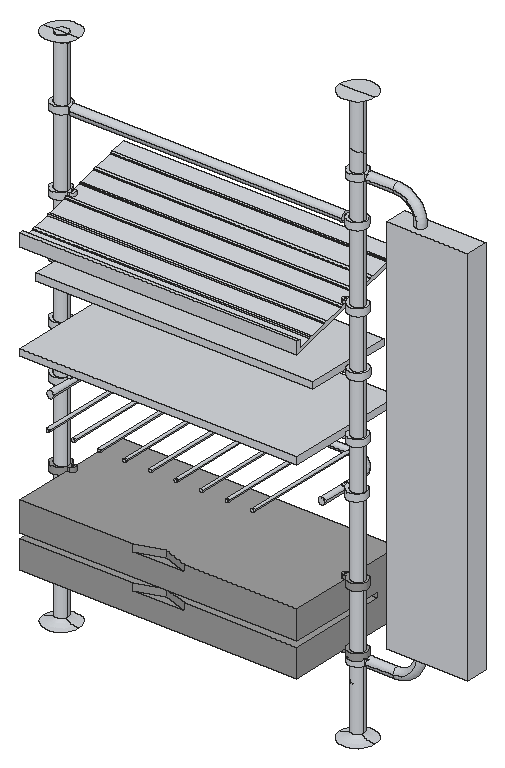
Revit family "Stolmen_furniture_system_by_IKEA_55CM_and_110cm_models_6847", category Комплекты мебели, Revit 2017
Family settings
  Размер круглого соединителя = Использовать диаметр
  Тип детали = Нормальный
  На основе рабочей плоскости = Нет
  Всегда вертикально = Да
  При загрузке вырезать с полостями = Нет
  Общий = Нет
  Точка расчета площади = Нет
Parameters
  SHELVING SYSTEM 6 [instance] = CLOTHES RAIL : CLOTHES RAIL (110CM)
  SHELVING SYSTEM 5 HEIGHT [instance] = 5' - 0 205/256"
  SHELVING TYPE 2 ON/OFF [instance] = yes
  SHELVING TYPE 3 ON/OFF [instance] = yes
  SHELVING SYSTEM 5 [instance] = SHOE RACK : SHOE RACK (110CM)
  SHELVING SYSTEM 4 [instance] = SHELF 35 CM DEEP : SHELF 35CM DEEP (110CM)
  SHELVING SYSTEM 3 HEIGHT [instance] = 3' - 7"
  SHELVING SYSTEM 4 HEIGHT [instance] = 4' - 3 205/256"
  SHELVING TYPE 4 ON/OFF [instance] = yes
  SHELVING SYSTEM 3 [instance] = SHELF 50 CM DEEP : SHELF 50CM DEEP (110CM)
  SHELVING SYSTEM 2 [instance] = PANTS HANGER : PANTS HANGER  (110CM)
  SHELVING SYSTEM 1 [instance] = CHEST WITH 2 DRAWERS : CHEST WITH 2 DRAWERS (110CM)
  RIGHT POST HEIGHT [instance] = 7' - 6 77/128"
  RIGHT POST [instance] = yes
  POST MATERIAL [instance] = Default
  SHELVING SYSTEM 2 HEIGHT [instance] = 2' - 10 205/256"
  SHELVING TYPE 5 ON/OFF [instance] = yes
  MIRROR/STORAGE UNIT [instance] = yes
  MIRROR HEIGHT [instance] = 6' - 7 5/8"
  LEFT POST HEIGHT [instance] = 6' - 10 5/8"
  LEFT POST [instance] = yes
  SHELVING SYSTEM 6 HEIGHT [instance] = 6' - 0 205/256"
  SHELVING TYPE 1 ON/OFF [instance] = yes
  SHELVING SYSTEM 1 HEIGHT [instance] = 1' - 10 77/256"
  SHELVING TYPE 6 ON/OFF [instance] = yes
Reference planes (in)
  plane 1 "Center F/B": y = 0
  plane 2: z = 0
  plane 3 "Center L/R": x = 0
  plane 4: y = 0
  plane 5: y = 1
  plane 6: y = -1
  plane 7: x = 23.14844
  plane 8: x = -23.14844
  plane 9: z = 82.625
  plane 10: z = 72.80078
  plane 11: z = 60.80078
  plane 12: z = 34.80078
  plane 13: z = 22.30078
  plane 14: z = 42.50194
  plane 15: z = 51.80078
  plane 16: z = 79.625
  plane 17: z = 82.625
  plane 18: z = 90.60156
  plane 19: z = 82.625
Forms (in)
  Revolve 1, solid, visible <- "LEFT POST"
    sketch origin (0, 0, 0) x (1, 0, 0) y (0, 0, 1)
      loop
        line (-23.14844, 82.625) -> (-23.14844, 0) -> (-20.41475, 0)
        arc (-20.41475, 0) -> (-21.55792, 0.15715) -> (-22.61629, 0.61694) r 4.23653
        line (-22.61629, 0.61694) -> (-23.03128, 0.61694) -> (-23.03128, 1) -> (-22.14844, 1) -> (-22.14844, 82.625) -> (-23.14844, 82.625)
      axis (-23.14844, 82.625) -> (-23.14844, 0)
    angle from 0 to 360
  Revolve 2, solid, visible <- "RIGHT POST"
    sketch origin (46.29688, 0, 0) x (1, 0, 0) y (0, 0, 1)
      loop
        line (-23.14844, 82.625) -> (-23.14844, 0) -> (-20.41475, 0)
        arc (-20.41475, 0) -> (-21.55792, 0.15715) -> (-22.61629, 0.61694) r 4.23653
        line (-22.61629, 0.61694) -> (-23.03128, 0.61694) -> (-23.03128, 1) -> (-22.14844, 1) -> (-22.14844, 82.625) -> (-23.14844, 82.625)
      axis (-23.14844, 82.625) -> (-23.14844, 0)
    angle from 0 to 360
  Revolve 3, solid, visible <- "RIGHT POST"
    sketch origin (0, 0, 90.60156) x (1, 0, 0) y (0, 0, -1)
      loop
        line (-23.14844, 82.625) -> (-23.14844, 7.97656) -> (-20.41475, 7.97656)
        arc (-20.41475, 7.97656) -> (-21.55792, 8.13371) -> (-22.61629, 8.59351) r 4.23653
        line (-22.61629, 8.59351) -> (-23.03128, 8.59351) -> (-23.03128, 8.97656) -> (-22.14844, 8.97656) -> (-22.14844, 82.625) -> (-23.14844, 82.625)
      axis (-23.14844, 82.625) -> (-23.14844, 7.97656)
    angle from 0 to 360
  Revolve 4, solid, visible <- "RIGHT POST"
    sketch origin (46.29687, 0, 90.60156) x (1, 0, 0) y (0, 0, -1)
      loop
        line (-23.14844, 82.625) -> (-23.14844, 0) -> (-20.41475, 0)
        arc (-20.41475, 0) -> (-21.55792, 0.15715) -> (-22.61629, 0.61694) r 4.23653
        line (-22.61629, 0.61694) -> (-23.03128, 0.61694) -> (-23.03128, 1) -> (-22.14844, 1) -> (-22.14844, 82.625) -> (-23.14844, 82.625)
      axis (-23.14844, 82.625) -> (-23.14844, 0)
    angle from 0 to 360
Cuts and joins
  joined: Revolve 3, Revolve 4
Dimensions and locks (in)
  equal spacing: plane 8, plane 3 "Center L/R", plane 7, locked at 23.14844 each
  locked: plane 8 to plane 7 at 46.29688
  "LEFT POST HEIGHT": plane 9 to plane 2
  plane 17 to level = 6' - 10 5/8"
  "MIRROR HEIGHT": plane 16 to plane 2
  "SHELVING SYSTEM 6 HEIGHT": plane 10 to plane 2
  "SHELVING SYSTEM 5 HEIGHT": plane 11 to level
  "SHELVING SYSTEM 4 HEIGHT": plane 15 to level
  plane 14 to level = 3' - 6.50194"
  "SHELVING SYSTEM 2 HEIGHT": plane 12 to level
  "SHELVING SYSTEM 1 HEIGHT": plane 13 to level
  "RIGHT POST HEIGHT": plane 18 to level
  "LEFT POST HEIGHT": plane 19 to level
  aligned and locked: plane 13 to nested 1
  aligned and locked: plane 15 to nested 2
  aligned and locked: plane 16 to nested 3  (x2)
  aligned and locked: plane 17 to Revolve 2
  aligned and locked: plane 9 to Revolve 1
  aligned and locked: plane 10 to nested 6
  aligned and locked: plane 11 to nested 5
  aligned and locked: plane 15 to nested 7
  aligned and locked: plane 14 to nested 2
  aligned and locked: plane 12 to nested 4
  aligned and locked: nested 1 to plane 13
  aligned and locked: plane 18 to cut or joined group of Revolve 3, Revolve 4  (x3)
  aligned and locked: cut or joined group of Revolve 3, Revolve 4 to plane 19
Automatic sketch dimensions
  Revolve 1 sketch curve to plane 8 = 0' - 0"  (x2)
  Revolve 1 sketch curve to plane 9 = 0' - 0"  (x2)
  Revolve 1 sketch curve to level = 0' - 0"
  plane 8 to Revolve 1 sketch curve = 0' - 0.11716"
  Revolve 1 sketch curve to Revolve 1 sketch curve = 0' - 0.41499"
  plane 8 to Revolve 1 sketch curve = 0' - 1"
  Revolve 1 sketch curve to Revolve 1 sketch curve = 0' - 1.73369"
  level to Revolve 1 sketch curve = 0' - 0.61694"
  Revolve 1 sketch curve to Revolve 1 sketch curve = 0' - 0.38306"
  Revolve 1 sketch curve to plane 16 = 0' - 1 1/4"
  Revolve 2 sketch curve to plane 7 = 0' - 0"  (x2)
  Revolve 2 sketch curve to plane 9 = 0' - 0"  (x2)
  Revolve 2 sketch curve to level = 0' - 0"
  plane 7 to Revolve 2 sketch curve = 0' - 0.11716"
  Revolve 2 sketch curve to Revolve 2 sketch curve = 0' - 0.41499"
  plane 7 to Revolve 2 sketch curve = 0' - 1"
  Revolve 2 sketch curve to Revolve 2 sketch curve = 0' - 1.73369"
  level to Revolve 2 sketch curve = 0' - 0.61694"
  Revolve 2 sketch curve to Revolve 2 sketch curve = 0' - 0.38306"
  Revolve 2 sketch curve to plane 16 = 0' - 1 1/4"
  Revolve 3 sketch curve to plane 8 = 0' - 0"  (x2)
  Revolve 3 sketch curve to plane 8 = 0' - 0.11716"
  Revolve 3 sketch curve to Revolve 3 sketch curve = 0' - 0.41499"
  Revolve 3 sketch curve to plane 8 = 0' - 1"
  Revolve 3 sketch curve to Revolve 3 sketch curve = 0' - 1.73369"
  Revolve 3 sketch curve to plane 9 = 0' - 0"
  Revolve 3 sketch curve to Revolve 3 sketch curve = 0' - 0.61694"
  Revolve 3 sketch curve to Revolve 3 sketch curve = 0' - 0.38306"
  plane 14 to Revolve 3 sketch curve = 2' - 6.27538"
  plane 14 to Revolve 3 sketch curve = 2' - 10.52538"
  Revolve 3 sketch curve to Revolve 3 sketch curve = 0' - 0"
  Revolve 4 sketch curve to plane 7 = 0' - 0"  (x2)
  Revolve 4 sketch curve to plane 7 = 0' - 0.11716"
  Revolve 4 sketch curve to Revolve 4 sketch curve = 0' - 0.41499"
  Revolve 4 sketch curve to plane 7 = 0' - 1"
  Revolve 4 sketch curve to Revolve 4 sketch curve = 0' - 1.73369"
  Revolve 4 sketch curve to plane 9 = 0' - 7 125/128"
  Revolve 4 sketch curve to Revolve 4 sketch curve = 0' - 0.61694"
  Revolve 4 sketch curve to Revolve 4 sketch curve = 0' - 0.38306"
  plane 14 to Revolve 4 sketch curve = 2' - 6.27538"
  plane 14 to Revolve 4 sketch curve = 2' - 10.52538"
  Revolve 4 sketch curve to Revolve 4 sketch curve = 0' - 0"
Nested families (in)
  nested 1: "CHEST WITH 2 DRAWERS" at (-0.07388, 0, 12), visible <- "SHELVING TYPE 6 ON/OFF", CHEST WITH 2 DRAWERS <- "SHELVING TYPE 6 ON/OFF", type <- "SHELVING SYSTEM 1", type "CHEST WITH 2 DRAWERS (110CM)"
    with HEIGHT 0' - 9.79884", CHEST WITH 2 DRAWERS yes
  nested 2: "SHELF 50 CM DEEP" at (-0.07388, 0, 42.00194), visible <- "SHELVING TYPE 3 ON/OFF", type <- "SHELVING SYSTEM 3", type "SHELF 50CM DEEP (110CM)"
    with HEIGHT 0' - 9.79884"
  nested 3: "MIRROR" at (23.14844, 0, -4), visible <- "MIRROR/STORAGE UNIT", type "MIRROR"
    with POST none
  nested 4: "PANTS HANGER" at (-0.07388, 0, 24.5), visible <- "SHELVING TYPE 5 ON/OFF", type <- "SHELVING SYSTEM 2", type "PANTS HANGER  (110CM)"
    with HEIGHT 0' - 9.79884"
  nested 5: "SHOE RACK" at (-0.06929, -0.01435, 60.30078), type <- "SHELVING SYSTEM 5", type "SHOE RACK (110CM)"
    with RACK MATERIAL none, MOUNTING FIXTURES MATERIAL none, HEIGHT 0' - 9 205/256"
  nested 6: "CLOTHES RAIL" at (0, 0, 62.5), type <- "SHELVING SYSTEM 6", type "CLOTHES RAIL (110CM)"
    with RACK MATERIAL none, MOUNTING FIXTURES MATERIAL none, HEIGHT 0' - 9 205/256"
  nested 7: "SHELF 35 CM DEEP" at (0, 0, 51.30078), type <- "SHELVING SYSTEM 4", type "SHELF 35CM DEEP (110CM)"
    with SHELF MATERIAL none, MOUNTING FIXTURES MATERIAL none, HEIGHT 0' - 9 205/256"
Definition of nested family "CHEST WITH 2 DRAWERS"
  Parameters
    MOUNTING FIXTURE MATERIAL [instance] = none
    HEIGHT [instance] = 0' - 9 205/256"
    DRAWER MATERIAL [instance] = none
    CHEST WITH 2 DRAWERS [instance] = yes
    Assembly Code = ""
  Reference planes (in)
    plane 1 "Center F/B": y = 0
    plane 2: z = 0
    plane 3 "Center L/R": x = 0
    plane 4: z = 9.80078
  Forms (in)
    Extrusion 1, solid, material <- "DRAWER MATERIAL", visible <- "CHEST WITH 2 DRAWERS"
      sketch origin (140.07737, -37.7322, 0) x (1, 0, 0) y (0, 1, 0)
        loop
          line (-161.72737, 27.8822) -> (-118.42737, 27.8822) -> (-118.42737, 47.5822) -> (-161.72737, 47.5822) -> (-161.72737, 27.8822)
      from 0 to 9.80078
    Extrusion 2, void
      sketch origin (140.07737, -41.71513, 0) x (1, 0, 0) y (0, 1, 0)
        loop
          line (-118.42737, 47.5822) -> (-161.72737, 47.5822) -> (-161.72737, 31.86513) -> (-118.42737, 31.86513) -> (-118.42737, 47.5822)
      from 4.36336 to 5.25362
    Extrusion 3, void
      sketch origin (140.07737, -37.7322, 0) x (1, 0, 0) y (0, 1, 0)
        loop
          line (-140.07737, 27.8822) -> (-136.07737, 27.8822) -> (-140.07737, 29.33808) -> (-144.07737, 27.8822) -> (-140.07737, 27.8822)
      from 8.71575 to 9.80078
    Extrusion 4, void
      sketch origin (140.07737, -37.7322, 0) x (1, 0, 0) y (0, 1, 0)
        loop
          line (-140.07737, 27.8822) -> (-136.07737, 27.8822) -> (-140.07737, 29.33808) -> (-144.07737, 27.8822) -> (-140.07737, 27.8822)
      from 3.27527 to 4.36336
    Extrusion 5, solid, material <- "DRAWER MATERIAL", visible <- "CHEST WITH 2 DRAWERS"
      sketch origin (19.89775, -10.15887, 9.30078) x (1, 0, 0) y (0, 1, 0)
        loop
          circle (-43.11548, 10.15887) r 1
        loop
          arc (-41.70126, 10.65887) -> (-44.61548, 10.15887) -> (-41.70126, 9.65887) r 1.5
          line (-41.70126, 9.65887) -> (-41.25387, 9.65887)
          arc (-41.25387, 9.65887) -> (-40.75318, 10.13391) -> (-41.20126, 10.65887) r 0.50138
          line (-41.20126, 10.65887) -> (-41.70126, 10.65887)
        loop
          circle (-41.25387, 10.16025) r 0.09394
      from 0 to 1
    Extrusion 6, solid, material <- "DRAWER MATERIAL", visible <- "CHEST WITH 2 DRAWERS"
      sketch origin (19.89775, -10.15887, -0.5) x (1, 0, 0) y (0, 1, 0)
        loop
          circle (-43.11548, 10.15887) r 1
        loop
          arc (-41.70126, 10.65887) -> (-44.61548, 10.15887) -> (-41.70126, 9.65887) r 1.5
          line (-41.70126, 9.65887) -> (-41.25387, 9.65887)
          arc (-41.25387, 9.65887) -> (-40.75318, 10.13391) -> (-41.20126, 10.65887) r 0.50138
          line (-41.20126, 10.65887) -> (-41.70126, 10.65887)
        loop
          circle (-41.25387, 10.16025) r 0.09394
      from 0 to 1
    Extrusion 7, solid, material <- "DRAWER MATERIAL", visible <- "CHEST WITH 2 DRAWERS"
      sketch origin (-19.89775, -10.15887, 9.30078) x (-1, 0, 0) y (0, -1, 0)
        loop
          circle (-43.11548, -10.15887) r 1
        loop
          line (-41.70126, -10.65887) -> (-41.20126, -10.65887)
          arc (-41.20126, -10.65887) -> (-40.75318, -10.13391) -> (-41.25387, -9.65887) r 0.50138
          line (-41.25387, -9.65887) -> (-41.70126, -9.65887)
          arc (-41.70126, -9.65887) -> (-44.61548, -10.15887) -> (-41.70126, -10.65887) r 1.5
        loop
          circle (-41.25387, -10.16025) r 0.09394
      from 0 to 1
    Extrusion 8, solid, material <- "DRAWER MATERIAL", visible <- "CHEST WITH 2 DRAWERS"
      sketch origin (-19.89775, -10.15887, -0.5) x (-1, 0, 0) y (0, -1, 0)
        loop
          circle (-43.11548, -10.15887) r 1
        loop
          line (-41.70126, -10.65887) -> (-41.20126, -10.65887)
          arc (-41.20126, -10.65887) -> (-40.75318, -10.13391) -> (-41.25387, -9.65887) r 0.50138
          line (-41.25387, -9.65887) -> (-41.70126, -9.65887)
          arc (-41.70126, -9.65887) -> (-44.61548, -10.15887) -> (-41.70126, -10.65887) r 1.5
        loop
          circle (-41.25387, -10.16025) r 0.09394
      from 0 to 1
  Cuts and joins
    Extrusion 2, Extrusion 3, Extrusion 4 cuts Extrusion 1
    joined: Extrusion 1, Extrusion 5, Extrusion 6, Extrusion 7, Extrusion 8
  Dimensions and locks (in)
    "HEIGHT": plane 4 to level
    aligned and locked: Extrusion 1 to Extrusion 3
    aligned and locked: plane 4 to cut or joined group of Extrusion 1, Extrusion 2, Extrusion 3, Extrusion 4, Extrusion 5, Extrusion 6, Extrusion 7, Extrusion 8
  Automatic sketch dimensions
    plane 1 "Center F/B" to Extrusion 1 sketch curve = 0' - 9.85"
    Extrusion 1 sketch curve to plane 3 "Center L/R" = 1' - 9.65"
    Extrusion 1 sketch curve to plane 1 "Center F/B" = 0' - 9.85"
    plane 3 "Center L/R" to Extrusion 1 sketch curve = 1' - 9.65"
    Extrusion 2 sketch curve to plane 1 "Center F/B" = 0' - 5.86707"
    Extrusion 2 sketch curve to plane 3 "Center L/R" = 1' - 9.65"
    plane 1 "Center F/B" to Extrusion 2 sketch curve = 0' - 9.85"
    plane 3 "Center L/R" to Extrusion 2 sketch curve = 1' - 9.65"
    Extrusion 3 sketch curve to plane 3 "Center L/R" = 0' - 0"  (x2)
    Extrusion 3 sketch curve to plane 3 "Center L/R" = 0' - 4"
    Extrusion 3 sketch curve to Extrusion 3 sketch curve = 0' - 4"
    plane 1 "Center F/B" to Extrusion 3 sketch curve = 0' - 9.85"
    Extrusion 3 sketch curve to Extrusion 3 sketch curve = 0' - 1.45588"
    Extrusion 4 sketch curve to plane 3 "Center L/R" = 0' - 0"  (x2)
    Extrusion 4 sketch curve to plane 3 "Center L/R" = 0' - 4"
    Extrusion 4 sketch curve to Extrusion 4 sketch curve = 0' - 4"
    plane 1 "Center F/B" to Extrusion 4 sketch curve = 0' - 9.85"
    Extrusion 4 sketch curve to Extrusion 4 sketch curve = 0' - 1.45588"
    Extrusion 5 sketch curve to Extrusion 5 sketch curve = 0' - 0"  (x4)
    Extrusion 5 sketch curve to plane 1 "Center F/B" = 0' - 0"
    Extrusion 5 sketch curve to plane 3 "Center L/R" = 1' - 11.21773"
    Extrusion 5 sketch curve to plane 1 "Center F/B" = 0' - 0 1/2"
    Extrusion 5 sketch curve to Extrusion 5 sketch curve = 0' - 1.41421"
    plane 1 "Center F/B" to Extrusion 5 sketch curve = 0' - 0 1/2"
    Extrusion 5 sketch curve to Extrusion 5 sketch curve = 0' - 0.44739"
    Extrusion 5 sketch curve to Extrusion 5 sketch curve = 0' - 0 1/2"
    Extrusion 6 sketch curve to Extrusion 6 sketch curve = 0' - 0"  (x4)
    Extrusion 6 sketch curve to plane 1 "Center F/B" = 0' - 0"
    Extrusion 6 sketch curve to plane 3 "Center L/R" = 1' - 11.21773"
    Extrusion 6 sketch curve to plane 1 "Center F/B" = 0' - 0 1/2"
    Extrusion 6 sketch curve to Extrusion 6 sketch curve = 0' - 1.41421"
    plane 1 "Center F/B" to Extrusion 6 sketch curve = 0' - 0 1/2"
    Extrusion 6 sketch curve to Extrusion 6 sketch curve = 0' - 0.44739"
    Extrusion 6 sketch curve to Extrusion 6 sketch curve = 0' - 0 1/2"
    Extrusion 7 sketch curve to Extrusion 7 sketch curve = 0' - 0"  (x4)
    Extrusion 7 sketch curve to plane 1 "Center F/B" = 0' - 0"
    plane 3 "Center L/R" to Extrusion 7 sketch curve = 1' - 11.21773"
    Extrusion 7 sketch curve to plane 1 "Center F/B" = 0' - 0 1/2"
    Extrusion 7 sketch curve to Extrusion 7 sketch curve = 0' - 1.41421"
    plane 1 "Center F/B" to Extrusion 7 sketch curve = 0' - 0 1/2"
    Extrusion 7 sketch curve to Extrusion 7 sketch curve = 0' - 0.44739"
    Extrusion 7 sketch curve to Extrusion 7 sketch curve = 0' - 0 1/2"
    Extrusion 8 sketch curve to Extrusion 8 sketch curve = 0' - 0"  (x4)
    Extrusion 8 sketch curve to plane 1 "Center F/B" = 0' - 0"
    plane 3 "Center L/R" to Extrusion 8 sketch curve = 1' - 11.21773"
    Extrusion 8 sketch curve to plane 1 "Center F/B" = 0' - 0 1/2"
    Extrusion 8 sketch curve to Extrusion 8 sketch curve = 0' - 1.41421"
    plane 1 "Center F/B" to Extrusion 8 sketch curve = 0' - 0 1/2"
    Extrusion 8 sketch curve to Extrusion 8 sketch curve = 0' - 0.44739"
    Extrusion 8 sketch curve to Extrusion 8 sketch curve = 0' - 0 1/2"
    radius of Extrusion 5 sketch curve = 0' - 1"
    radius of Extrusion 5 sketch curve = 0' - 0.09394"
    radius of Extrusion 6 sketch curve = 0' - 1"
    radius of Extrusion 6 sketch curve = 0' - 0.09394"
    radius of Extrusion 7 sketch curve = 0' - 1"
    radius of Extrusion 7 sketch curve = 0' - 0.09394"
    radius of Extrusion 8 sketch curve = 0' - 1"
    radius of Extrusion 8 sketch curve = 0' - 0.09394"
Definition of nested family "SHELF 50 CM DEEP"
  Parameters
    MOUNTING FIXTURES MATERIAL [instance] = none
    HEIGHT [instance] = 0' - 9 205/256"
    BAR MATERIAL [instance] = none
    Assembly Code = ""
  Reference planes (in)
    plane 1 "Center F/B": y = 0
    plane 2: z = 0
    plane 3 "Center L/R": x = 0
    plane 4: z = 9.80078
  Forms (in)
    Extrusion 1, solid, material <- "MOUNTING FIXTURES MATERIAL"
      sketch origin (19.89775, -10.15887, -0.5) x (1, 0, 0) y (0, 1, 0)
        loop
          circle (-43.11548, 10.15887) r 1
        loop
          arc (-41.70126, 10.65887) -> (-44.61548, 10.15887) -> (-41.70126, 9.65887) r 1.5
          line (-41.70126, 9.65887) -> (-41.25387, 9.65887)
          arc (-41.25387, 9.65887) -> (-40.75318, 10.13391) -> (-41.20126, 10.65887) r 0.50138
          line (-41.20126, 10.65887) -> (-41.70126, 10.65887)
        loop
          circle (-41.25387, 10.16025) r 0.09394
      from 0 to 1
    Extrusion 2, solid, material <- "MOUNTING FIXTURES MATERIAL"
      sketch origin (-19.89775, -10.15887, -0.5) x (-1, 0, 0) y (0, -1, 0)
        loop
          circle (-43.11548, -10.15887) r 1
        loop
          line (-41.70126, -10.65887) -> (-41.20126, -10.65887)
          arc (-41.20126, -10.65887) -> (-40.75318, -10.13391) -> (-41.25387, -9.65887) r 0.50138
          line (-41.25387, -9.65887) -> (-41.70126, -9.65887)
          arc (-41.70126, -9.65887) -> (-44.61548, -10.15887) -> (-41.70126, -10.65887) r 1.5
        loop
          circle (-41.25387, -10.16025) r 0.09394
      from 0 to 1
    Extrusion 3, solid, material <- "BAR MATERIAL"
      sketch origin (36.71714, 18.52029, 0) x (1, 0, 0) y (0, 1, 0)
        loop
          line (-58.36714, -28.3699) -> (-15.06714, -28.3699) -> (-15.06714, -8.67068) -> (-58.36714, -8.67068) -> (-58.36714, -28.3699)
      from 0 to 1
  Cuts and joins
    joined: Extrusion 1, Extrusion 2
  Dimensions and locks (in)
    "HEIGHT": plane 4 to level
  Automatic sketch dimensions
    Extrusion 1 sketch curve to Extrusion 1 sketch curve = 0' - 0"  (x4)
    Extrusion 1 sketch curve to plane 1 "Center F/B" = 0' - 0"
    Extrusion 1 sketch curve to plane 3 "Center L/R" = 1' - 11.21773"
    Extrusion 1 sketch curve to plane 1 "Center F/B" = 0' - 0 1/2"
    Extrusion 1 sketch curve to Extrusion 1 sketch curve = 0' - 1.41421"
    plane 1 "Center F/B" to Extrusion 1 sketch curve = 0' - 0 1/2"
    Extrusion 1 sketch curve to Extrusion 1 sketch curve = 0' - 0.44739"
    Extrusion 1 sketch curve to Extrusion 1 sketch curve = 0' - 0 1/2"
    Extrusion 2 sketch curve to Extrusion 2 sketch curve = 0' - 0"  (x4)
    Extrusion 2 sketch curve to plane 1 "Center F/B" = 0' - 0"
    plane 3 "Center L/R" to Extrusion 2 sketch curve = 1' - 11.21773"
    Extrusion 2 sketch curve to plane 1 "Center F/B" = 0' - 0 1/2"
    Extrusion 2 sketch curve to Extrusion 2 sketch curve = 0' - 1.41421"
    plane 1 "Center F/B" to Extrusion 2 sketch curve = 0' - 0 1/2"
    Extrusion 2 sketch curve to Extrusion 2 sketch curve = 0' - 0.44739"
    Extrusion 2 sketch curve to Extrusion 2 sketch curve = 0' - 0 1/2"
    plane 1 "Center F/B" to Extrusion 3 sketch curve = 0' - 9.84961"
    Extrusion 3 sketch curve to plane 3 "Center L/R" = 1' - 9.65"
    plane 3 "Center L/R" to Extrusion 3 sketch curve = 1' - 9.65"
    Extrusion 3 sketch curve to plane 1 "Center F/B" = 0' - 9.84961"
    radius of Extrusion 1 sketch curve = 0' - 1"
    radius of Extrusion 1 sketch curve = 0' - 0.09394"
    radius of Extrusion 2 sketch curve = 0' - 1"
    radius of Extrusion 2 sketch curve = 0' - 0.09394"
Definition of nested family "MIRROR"
  Parameters
    POST [instance] = none
    MOUNTING FIXTURES MATERIAL [instance] = none
    MIRROR STORAGE [instance] = none
    Assembly Code = ""
  Reference planes (in)
    plane 1 "Center F/B": y = 0
    plane 2: z = 0
    plane 3 "Center L/R": x = 0
  Forms (in)
    Extrusion 1, solid, material <- "MOUNTING FIXTURES MATERIAL"
      sketch origin (0.56537, -0.00893, 82.625) x (1, 0, 0) y (0, 1, 0)
        loop
          circle (-0.56995, 0.00893) r 1
        loop
          arc (0.84426, 0.50893) -> (-2.06995, 0.00893) -> (0.84426, -0.49107) r 1.5
          line (0.84426, -0.49107) -> (1.29165, -0.49107)
          arc (1.29165, -0.49107) -> (1.79234, -0.01603) -> (1.34426, 0.50893) r 0.50138
          line (1.34426, 0.50893) -> (0.84426, 0.50893)
        loop
          circle (1.29165, 0.01031) r 0.09394
      from 0 to 1
    Sweep 2, solid, material <- "MIRROR STORAGE"
      path origin (0, 0, 0) x (1, 0, 0) y (0, 0, 1)
        loop
          line (1.90963, 83.125) -> (6.15963, 83.125)
          arc (6.15963, 83.125) -> (8.87982, 81.9111) -> (9.79303, 79.07578) r 3.65476
      profile origin (4.03463, 0, 83.125) x (0, 0, 1) y (0, -1, 0)
        loop
          circle (0, 0) r 0.75
    Extrusion 3, solid, material <- "MOUNTING FIXTURES MATERIAL"
      sketch origin (0.56537, -0.00893, 15.72656) x (0, -1, 0) y (-1, 0, 0)
        loop
          circle (-0.00893, 0.56995) r 1
        loop
          line (-0.50893, -0.84426) -> (-0.50893, -1.34426)
          arc (-0.50893, -1.34426) -> (0.01603, -1.79234) -> (0.49107, -1.29165) r 0.50138
          line (0.49107, -1.29165) -> (0.49107, -0.84426)
          arc (0.49107, -0.84426) -> (-0.00893, 2.06995) -> (-0.50893, -0.84426) r 1.5
        loop
          circle (-0.01031, -1.29165) r 0.09394
      from 0 to 1
    Extrusion 4, solid, material <- "MIRROR STORAGE"
      sketch origin (-25.5, 0, 4.54922) x (1, 0, 0) y (0, 0, 1)
        loop
          line (31.49541, 14.72656) -> (44.09541, 14.72656) -> (44.09541, 74.52656) -> (31.49541, 74.52656) -> (31.49541, 14.72656)
      from -1.75 to 1.75
    Sweep 5, solid, material <- "MIRROR STORAGE"
      path origin (0, 0, 98.35156) x (1, 0, 0) y (0, 0, -1)
        loop
          line (1.90963, 83.125) -> (6.15963, 83.125)
          arc (6.15963, 83.125) -> (8.87982, 81.9111) -> (9.79303, 79.07578) r 3.65476
      profile origin (4.03463, 0, 15.22656) x (0, 0, 1) y (0, -1, 0)
        loop
          circle (0, 0) r 0.75
Definition of nested family "PANTS HANGER"
  Parameters
    RACK MATERIAL [instance] = none
    MOUNTING FIXTURE [instance] = none
    HEIGHT [instance] = 0' - 9 205/256"
    Assembly Code = ""
  Reference planes (in)
    plane 1 "Center F/B": y = 0
    plane 2: z = 0
    plane 3 "Center L/R": x = 0
    plane 4: z = 9.80078
    plane 5: x = -23.26062
    plane 6: x = 23.05351
  Forms (in)
    Extrusion 1, solid, material <- "MOUNTING FIXTURE"
      sketch origin (19.89775, -10.15887, 9.30078) x (1, 0, 0) y (0, 1, 0)
        loop
          circle (-43.11548, 10.15887) r 1
        loop
          arc (-41.70126, 10.65887) -> (-44.61548, 10.15887) -> (-41.70126, 9.65887) r 1.5
          line (-41.70126, 9.65887) -> (-41.20126, 9.65887) -> (-41.20126, 10.65887) -> (-41.70126, 10.65887)
      from 0 to 1
    Extrusion 2, solid, material <- "MOUNTING FIXTURE"
      sketch origin (-20.06197, -10.15887, 9.30078) x (-1, 0, 0) y (0, -1, 0)
        loop
          circle (-43.11548, -10.15887) r 1
        loop
          line (-41.70126, -10.65887) -> (-41.20126, -10.65887) -> (-41.20126, -9.65887) -> (-41.70126, -9.65887)
          arc (-41.70126, -9.65887) -> (-44.61548, -10.15887) -> (-41.70126, -10.65887) r 1.5
      from 0 to 1
    Sweep 3, solid, material <- "RACK MATERIAL"
      path origin (0, 0, 0) x (1, 0, 0) y (0, 1, 0)
        loop
          line (-21.30351, -4.40324) -> (-21.30351, 2.25)
          arc (-21.30351, 2.25) -> (-19.76582, 5.96231) -> (-16.05351, 7.5) r 5.25
          line (-16.05351, 7.5) -> (16.1393, 7.5)
          arc (16.1393, 7.5) -> (19.67483, 6.03553) -> (21.1393, 2.5) r 5
          line (21.1393, 2.5) -> (21.1393, -4.40324)
      profile origin (0.04289, 7.5, 0) x (0, 1, 0) y (0, 0, 1)
        loop
          circle (0, 9.79884) r 0.5
    Sweep 4, solid, material <- "RACK MATERIAL"
      path origin (0, 0, 0) x (1, 0, 0) y (0, 1, 0)
        loop
          line (0, 7.5) -> (0, -11.5)
      profile origin (0, -2, 0) x (1, 0, 0) y (0, 0, 1)
        loop
          circle (0, 9.79884) r 0.25
    Sweep 5, solid, material <- "RACK MATERIAL"
      path origin (-4, 0, 0) x (1, 0, 0) y (0, 1, 0)
        loop
          line (0, 7.5) -> (0, -11.5)
      profile origin (-4, -2, 0) x (1, 0, 0) y (0, 0, 1)
        loop
          circle (0, 9.79884) r 0.25
    Sweep 6, solid, material <- "RACK MATERIAL"
      path origin (-8, 0, 0) x (1, 0, 0) y (0, 1, 0)
        loop
          line (0, 7.5) -> (0, -11.5)
      profile origin (-8, -2, 0) x (1, 0, 0) y (0, 0, 1)
        loop
          circle (0, 9.79884) r 0.25
    Sweep 7, solid, material <- "RACK MATERIAL"
      path origin (-12, 0, 0) x (1, 0, 0) y (0, 1, 0)
        loop
          line (0, 7.5) -> (0, -11.5)
      profile origin (-12, -2, 0) x (1, 0, 0) y (0, 0, 1)
        loop
          circle (0, 9.79884) r 0.25
    Sweep 8, solid, material <- "RACK MATERIAL"
      path origin (-16, 0, 0) x (1, 0, 0) y (0, 1, 0)
        loop
          line (0, 7.5) -> (0, -11.5)
      profile origin (-16, -2, 0) x (1, 0, 0) y (0, 0, 1)
        loop
          circle (0, 9.79884) r 0.25
    Sweep 9, solid, material <- "RACK MATERIAL"
      path origin (16, 0, 0) x (1, 0, 0) y (0, 1, 0)
        loop
          line (0, 7.5) -> (0, -11.5)
      profile origin (16, -2, 0) x (1, 0, 0) y (0, 0, 1)
        loop
          circle (0, 9.79884) r 0.25
    Sweep 10, solid, material <- "RACK MATERIAL"
      path origin (12, 0, 0) x (1, 0, 0) y (0, 1, 0)
        loop
          line (0, 7.5) -> (0, -11.5)
      profile origin (12, -2, 0) x (1, 0, 0) y (0, 0, 1)
        loop
          circle (0, 9.79884) r 0.25
    Sweep 11, solid, material <- "RACK MATERIAL"
      path origin (8, 0, 0) x (1, 0, 0) y (0, 1, 0)
        loop
          line (0, 7.5) -> (0, -11.5)
      profile origin (8, -2, 0) x (1, 0, 0) y (0, 0, 1)
        loop
          circle (0, 9.79884) r 0.25
    Sweep 12, solid, material <- "RACK MATERIAL"
      path origin (4, 0, 0) x (1, 0, 0) y (0, 1, 0)
        loop
          line (0, 7.5) -> (0, -11.5)
      profile origin (4, -2, 0) x (1, 0, 0) y (0, 0, 1)
        loop
          circle (0, 9.79884) r 0.25
  Cuts and joins
    joined: Extrusion 1, Extrusion 2
  Dimensions and locks (in)
    "HEIGHT": plane 4 to level
    locked: plane 5 to plane 6 at 46.31413
  Automatic sketch dimensions
    Extrusion 1 sketch curve to Extrusion 1 sketch curve = 0' - 0"  (x2)
    Extrusion 1 sketch curve to plane 1 "Center F/B" = 0' - 0"
    Extrusion 1 sketch curve to plane 5 = 0' - 0.04289"
    plane 1 "Center F/B" to Extrusion 1 sketch curve = 0' - 0 1/2"
    Extrusion 1 sketch curve to plane 5 = 0' - 1.45711"
    Extrusion 1 sketch curve to plane 1 "Center F/B" = 0' - 0 1/2"
    Extrusion 1 sketch curve to Extrusion 1 sketch curve = 0' - 0 1/2"
    Extrusion 2 sketch curve to Extrusion 2 sketch curve = 0' - 0"  (x2)
    Extrusion 2 sketch curve to plane 1 "Center F/B" = 0' - 0"
    Extrusion 2 sketch curve to plane 6 = 0' - 0"
    plane 1 "Center F/B" to Extrusion 2 sketch curve = 0' - 0 1/2"
    plane 6 to Extrusion 2 sketch curve = 0' - 1.41421"
    Extrusion 2 sketch curve to plane 1 "Center F/B" = 0' - 0 1/2"
    Extrusion 2 sketch curve to Extrusion 2 sketch curve = 0' - 0 1/2"
    Sweep 3 sketch curve to profile plane = 0' - 0"
    level to Sweep 3 sketch curve = 0' - 9.79884"
    Sweep 4 sketch curve to plane 3 "Center L/R" = 0' - 0"
    plane 1 "Center F/B" to Sweep 4 sketch curve = 0' - 11 1/2"
    Sweep 4 sketch curve to plane 1 "Center F/B" = 0' - 7 1/2"
    Sweep 4 sketch curve to profile plane = 0' - 0"
    level to Sweep 4 sketch curve = 0' - 9.79884"
    Sweep 5 sketch curve to plane 3 "Center L/R" = 0' - 4"
    plane 1 "Center F/B" to Sweep 5 sketch curve = 0' - 11 1/2"
    Sweep 5 sketch curve to plane 1 "Center F/B" = 0' - 7 1/2"
    level to Sweep 5 sketch curve = 0' - 9.79884"
    Sweep 5 sketch curve to profile plane = 0' - 0"
    Sweep 6 sketch curve to plane 3 "Center L/R" = 0' - 8"
    plane 1 "Center F/B" to Sweep 6 sketch curve = 0' - 11 1/2"
    Sweep 6 sketch curve to plane 1 "Center F/B" = 0' - 7 1/2"
    level to Sweep 6 sketch curve = 0' - 9.79884"
    Sweep 6 sketch curve to profile plane = 0' - 0"
    Sweep 7 sketch curve to plane 5 = 0' - 11.26062"
    plane 1 "Center F/B" to Sweep 7 sketch curve = 0' - 11 1/2"
    Sweep 7 sketch curve to plane 1 "Center F/B" = 0' - 7 1/2"
    level to Sweep 7 sketch curve = 0' - 9.79884"
    Sweep 7 sketch curve to profile plane = 0' - 0"
    Sweep 8 sketch curve to plane 5 = 0' - 7.26062"
    plane 1 "Center F/B" to Sweep 8 sketch curve = 0' - 11 1/2"
    Sweep 8 sketch curve to plane 1 "Center F/B" = 0' - 7 1/2"
    level to Sweep 8 sketch curve = 0' - 9.79884"
    Sweep 8 sketch curve to profile plane = 0' - 0"
    plane 6 to Sweep 9 sketch curve = 0' - 7.05351"
    plane 1 "Center F/B" to Sweep 9 sketch curve = 0' - 11 1/2"
    Sweep 9 sketch curve to plane 1 "Center F/B" = 0' - 7 1/2"
    level to Sweep 9 sketch curve = 0' - 9.79884"
    Sweep 9 sketch curve to profile plane = 0' - 0"
    plane 6 to Sweep 10 sketch curve = 0' - 11.05351"
    plane 1 "Center F/B" to Sweep 10 sketch curve = 0' - 11 1/2"
    Sweep 10 sketch curve to plane 1 "Center F/B" = 0' - 7 1/2"
    level to Sweep 10 sketch curve = 0' - 9.79884"
    Sweep 10 sketch curve to profile plane = 0' - 0"
    plane 3 "Center L/R" to Sweep 11 sketch curve = 0' - 8"
    plane 1 "Center F/B" to Sweep 11 sketch curve = 0' - 11 1/2"
    Sweep 11 sketch curve to plane 1 "Center F/B" = 0' - 7 1/2"
    level to Sweep 11 sketch curve = 0' - 9.79884"
    Sweep 11 sketch curve to profile plane = 0' - 0"
    plane 3 "Center L/R" to Sweep 12 sketch curve = 0' - 4"
    plane 1 "Center F/B" to Sweep 12 sketch curve = 0' - 11 1/2"
    Sweep 12 sketch curve to plane 1 "Center F/B" = 0' - 7 1/2"
    level to Sweep 12 sketch curve = 0' - 9.79884"
    Sweep 12 sketch curve to profile plane = 0' - 0"
    Sweep 3 sketch curve to plane 5 = 0' - 1.95711"
    Sweep 3 sketch curve to plane 5 = 0' - 7.20711"
    plane 6 to Sweep 3 sketch curve = 0' - 6.91421"
    plane 6 to Sweep 3 sketch curve = 0' - 1.91421"
    Sweep 3 sketch curve to plane 1 "Center F/B" = 0' - 2 1/4"
    plane 1 "Center F/B" to Sweep 3 sketch curve = 0' - 4.40324"  (x2)
    radius of Extrusion 1 sketch curve = 0' - 1"
    radius of Extrusion 2 sketch curve = 0' - 1"
    radius of Sweep 3 sketch curve = 0' - 0 1/2"
    radius of Sweep 4 sketch curve = 0' - 0 1/4"
    radius of Sweep 5 sketch curve = 0' - 0 1/4"
    radius of Sweep 6 sketch curve = 0' - 0 1/4"
    radius of Sweep 7 sketch curve = 0' - 0 1/4"
    radius of Sweep 8 sketch curve = 0' - 0 1/4"
    radius of Sweep 9 sketch curve = 0' - 0 1/4"
    radius of Sweep 10 sketch curve = 0' - 0 1/4"
    radius of Sweep 11 sketch curve = 0' - 0 1/4"
    radius of Sweep 12 sketch curve = 0' - 0 1/4"
Definition of nested family "SHOE RACK"
  Parameters
    RACK MATERIAL [instance] = none
    MOUNTING FIXTURES MATERIAL [instance] = none
    HEIGHT [instance] = 0' - 9 205/256"
    Assembly Code = ""
  Reference planes (in)
    plane 1 "Center F/B": y = 0
    plane 2: z = 0
    plane 3 "Center L/R": x = 0
    plane 4: z = 9.80078
  Forms (in)
    Extrusion 1, solid, material <- "MOUNTING FIXTURES MATERIAL"
      sketch origin (19.89775, -10.15887, -0.5) x (1, 0, 0) y (0, 1, 0)
        loop
          circle (-43.11548, 10.15887) r 1
        loop
          arc (-41.70126, 10.65887) -> (-44.61548, 10.15887) -> (-41.70126, 9.65887) r 1.5
          line (-41.70126, 9.65887) -> (-41.25387, 9.65887)
          arc (-41.25387, 9.65887) -> (-40.75318, 10.13391) -> (-41.20126, 10.65887) r 0.50138
          line (-41.20126, 10.65887) -> (-41.70126, 10.65887)
        loop
          circle (-41.25387, 10.16025) r 0.09394
      from 0 to 1
    Extrusion 2, solid, material <- "MOUNTING FIXTURES MATERIAL"
      sketch origin (-19.89775, -10.15887, -0.5) x (-1, 0, 0) y (0, -1, 0)
        loop
          circle (-43.11548, -10.15887) r 1
        loop
          line (-41.70126, -10.65887) -> (-41.20126, -10.65887)
          arc (-41.20126, -10.65887) -> (-40.75318, -10.13391) -> (-41.25387, -9.65887) r 0.50138
          line (-41.25387, -9.65887) -> (-41.70126, -9.65887)
          arc (-41.70126, -9.65887) -> (-44.61548, -10.15887) -> (-41.70126, -10.65887) r 1.5
        loop
          circle (-41.25387, -10.16025) r 0.09394
      from 0 to 1
    Sweep 3, solid, material <- "RACK MATERIAL"
      path origin (0, 0, 0) x (1, 0, 0) y (0, 1, 0)
        loop
          line (-21.65, 0) -> (21.65, 0)
      profile origin (0, 0, 0) x (0, 1, 0) y (0, 0, 1)
        loop
          line (9.91083, 1.35495) -> (10.41083, 1.35495) -> (10.41083, 2.98838) -> (8.13448, 2.37843) -> (8.13448, 2.52639) -> (7.79771, 2.43615) -> (7.79771, 2.2882) -> (4.88448, 1.5076) -> (4.88448, 1.65555) -> (4.54771, 1.56532) -> (4.54771, 1.41736) -> (2.03833, 0.74498) -> (2.03833, 0.89293) -> (1.70156, 0.80269) -> (1.70156, 0.65474) -> (-0.86552, -0.03311) -> (-0.86552, 0.11485) -> (-1.20229, 0.02461) -> (-1.20229, -0.12335) -> (-4.11552, -0.90394) -> (-4.11552, -0.75599) -> (-4.45229, -0.84623) -> (-4.45229, -0.99418) -> (-6.96167, -1.66657) -> (-6.96167, -1.51861) -> (-7.29844, -1.60885) -> (-7.29844, -1.7568) -> (-9.39065, -2.31741) -> (-9.39065, -0.9882) -> (-9.89065, -0.9882) -> (-9.89065, -2.9882) -> (9.91083, 2.31759) -> (9.91083, 1.35495)
  Cuts and joins
    joined: Extrusion 1, Extrusion 2
  Dimensions and locks (in)
    "HEIGHT": plane 4 to level
  Automatic sketch dimensions
    Extrusion 1 sketch curve to Extrusion 1 sketch curve = 0' - 0"  (x4)
    Extrusion 1 sketch curve to plane 1 "Center F/B" = 0' - 0"
    Extrusion 1 sketch curve to plane 3 "Center L/R" = 1' - 11.21773"
    Extrusion 1 sketch curve to plane 1 "Center F/B" = 0' - 0 1/2"
    Extrusion 1 sketch curve to Extrusion 1 sketch curve = 0' - 1.41421"
    plane 1 "Center F/B" to Extrusion 1 sketch curve = 0' - 0 1/2"
    Extrusion 1 sketch curve to Extrusion 1 sketch curve = 0' - 0.44739"
    Extrusion 1 sketch curve to Extrusion 1 sketch curve = 0' - 0 1/2"
    Extrusion 2 sketch curve to Extrusion 2 sketch curve = 0' - 0"  (x4)
    Extrusion 2 sketch curve to plane 1 "Center F/B" = 0' - 0"
    plane 3 "Center L/R" to Extrusion 2 sketch curve = 1' - 11.21773"
    Extrusion 2 sketch curve to plane 1 "Center F/B" = 0' - 0 1/2"
    Extrusion 2 sketch curve to Extrusion 2 sketch curve = 0' - 1.41421"
    plane 1 "Center F/B" to Extrusion 2 sketch curve = 0' - 0 1/2"
    Extrusion 2 sketch curve to Extrusion 2 sketch curve = 0' - 0.44739"
    Extrusion 2 sketch curve to Extrusion 2 sketch curve = 0' - 0 1/2"
    Sweep 3 sketch curve to plane 1 "Center F/B" = 0' - 0"
    Sweep 3 sketch curve to plane 3 "Center L/R" = 1' - 9.65"
    plane 3 "Center L/R" to Sweep 3 sketch curve = 1' - 9.65"
    Sweep 3 sketch curve to level = 0' - 2.31741"
    Sweep 3 sketch curve to level = 0' - 2.9882"
    profile plane to Sweep 3 sketch curve = 0' - 9.89065"
    Sweep 3 sketch curve to Sweep 3 sketch curve = 0' - 0 1/2"  (x2)
    Sweep 3 sketch curve to level = 0' - 1.7568"
    Sweep 3 sketch curve to Sweep 3 sketch curve = 0' - 2.09221"
    Sweep 3 sketch curve to Sweep 3 sketch curve = 0' - 0.33677"  (x6)
    Sweep 3 sketch curve to Sweep 3 sketch curve = 0' - 2.50938"  (x2)
    Sweep 3 sketch curve to level = 0' - 0.75599"
    profile plane to Sweep 3 sketch curve = 0' - 1.20229"
    Sweep 3 sketch curve to profile plane = 0' - 1.70156"
    Sweep 3 sketch curve to Sweep 3 sketch curve = 0' - 2.91323"
    Sweep 3 sketch curve to Sweep 3 sketch curve = 0' - 1.77635"
    Sweep 3 sketch curve to Sweep 3 sketch curve = 0' - 0.09024"  (x5)
    Sweep 3 sketch curve to Sweep 3 sketch curve = 0' - 0.14795"  (x12)
    Sweep 3 sketch curve to Sweep 3 sketch curve = 0' - 0.23819"
    Sweep 3 sketch curve to level = 0' - 0.9882"
    Sweep 3 sketch curve to level = 0' - 0.12335"
    Sweep 3 sketch curve to Sweep 3 sketch curve = 0' - 0.53989"
    level to Sweep 3 sketch curve = 0' - 1.35495"
    Sweep 3 sketch curve to Sweep 3 sketch curve = 0' - 0.52443"
    Sweep 3 sketch curve to Sweep 3 sketch curve = 0' - 0.93325"
    Sweep 3 sketch curve to Sweep 3 sketch curve = 0' - 0.96265"
    Sweep 3 sketch curve to Sweep 3 sketch curve = 0' - 0.67079"
    radius of Extrusion 1 sketch curve = 0' - 1"
    radius of Extrusion 1 sketch curve = 0' - 0.09394"
    radius of Extrusion 2 sketch curve = 0' - 1"
    radius of Extrusion 2 sketch curve = 0' - 0.09394"
Definition of nested family "CLOTHES RAIL"
  Parameters
    RACK MATERIAL [instance] = none
    MOUNTING FIXTURES MATERIAL [instance] = none
    HEIGHT [instance] = 0' - 9 205/256"
    Assembly Code = ""
  Reference planes (in)
    plane 1 "Center F/B": y = 0
    plane 2: z = 0
    plane 3 "Center L/R": x = 0
    plane 4: z = 9.80078
    plane 5: x = -23.26062
    plane 6: x = 23.05351
  Forms (in)
    Extrusion 1, solid, material <- "RACK MATERIAL"
      sketch origin (19.89775, -10.15887, 9.30078) x (1, 0, 0) y (0, 1, 0)
        loop
          circle (-43.11548, 10.15887) r 1
        loop
          arc (-41.70126, 10.65887) -> (-44.61548, 10.15887) -> (-41.70126, 9.65887) r 1.5
          line (-41.70126, 9.65887) -> (-41.20126, 9.65887) -> (-41.20126, 10.65887) -> (-41.70126, 10.65887)
      from 0 to 1
    Extrusion 2, solid, material <- "RACK MATERIAL"
      sketch origin (-20.06197, -10.15887, 9.30078) x (-1, 0, 0) y (0, -1, 0)
        loop
          circle (-43.11548, -10.15887) r 1
        loop
          line (-41.70126, -10.65887) -> (-41.20126, -10.65887) -> (-41.20126, -9.65887) -> (-41.70126, -9.65887)
          arc (-41.70126, -9.65887) -> (-44.61548, -10.15887) -> (-41.70126, -10.65887) r 1.5
      from 0 to 1
    Extrusion 3, solid, material <- "RACK MATERIAL"
      sketch origin (0, 0, 0) x (0, 1, 0) y (0, 0, 1)
        loop
          circle (0, 9.80078) r 0.75
      from -21.30351 to 21.30351
  Cuts and joins
    joined: Extrusion 1, Extrusion 2, Extrusion 3
  Dimensions and locks (in)
    "HEIGHT": plane 4 to level
    locked: plane 5 to plane 6 at 46.31413
  Automatic sketch dimensions
    Extrusion 1 sketch curve to Extrusion 1 sketch curve = 0' - 0"  (x2)
    Extrusion 1 sketch curve to plane 1 "Center F/B" = 0' - 0"
    Extrusion 1 sketch curve to plane 3 "Center L/R" = 1' - 11.21773"
    plane 1 "Center F/B" to Extrusion 1 sketch curve = 0' - 0 1/2"
    Extrusion 1 sketch curve to Extrusion 1 sketch curve = 0' - 1.41421"
    Extrusion 1 sketch curve to plane 1 "Center F/B" = 0' - 0 1/2"
    Extrusion 1 sketch curve to Extrusion 1 sketch curve = 0' - 0 1/2"
    Extrusion 2 sketch curve to Extrusion 2 sketch curve = 0' - 0"  (x2)
    Extrusion 2 sketch curve to plane 1 "Center F/B" = 0' - 0"
    plane 3 "Center L/R" to Extrusion 2 sketch curve = 1' - 11.05351"
    plane 1 "Center F/B" to Extrusion 2 sketch curve = 0' - 0 1/2"
    Extrusion 2 sketch curve to Extrusion 2 sketch curve = 0' - 1.41421"
    Extrusion 2 sketch curve to plane 1 "Center F/B" = 0' - 0 1/2"
    Extrusion 2 sketch curve to Extrusion 2 sketch curve = 0' - 0 1/2"
    Extrusion 3 sketch curve to plane 1 "Center F/B" = 0' - 0"
    Extrusion 3 sketch curve to plane 4 = 0' - 0"
    radius of Extrusion 1 sketch curve = 0' - 1"
    radius of Extrusion 2 sketch curve = 0' - 1"
    radius of Extrusion 3 sketch curve = 0' - 0 3/4"
Definition of nested family "SHELF 35 CM DEEP"
  Parameters
    SHELF MATERIAL [instance] = none
    MOUNTING FIXTURES MATERIAL [instance] = none
    HEIGHT [instance] = 0' - 9 205/256"
    Assembly Code = ""
  Reference planes (in)
    plane 1 "Center F/B": y = 0
    plane 2: z = 0
    plane 3 "Center L/R": x = 0
    plane 4: z = 9.80078
  Forms (in)
    Extrusion 1, solid, material <- "MOUNTING FIXTURES MATERIAL"
      sketch origin (19.89775, -10.15887, -0.5) x (1, 0, 0) y (0, 1, 0)
        loop
          circle (-43.11548, 10.15887) r 1
        loop
          arc (-41.70126, 10.65887) -> (-44.61548, 10.15887) -> (-41.70126, 9.65887) r 1.5
          line (-41.70126, 9.65887) -> (-41.25387, 9.65887)
          arc (-41.25387, 9.65887) -> (-40.75318, 10.13391) -> (-41.20126, 10.65887) r 0.50138
          line (-41.20126, 10.65887) -> (-41.70126, 10.65887)
        loop
          circle (-41.25387, 10.16025) r 0.09394
      from 0 to 1
    Extrusion 2, solid, material <- "MOUNTING FIXTURES MATERIAL"
      sketch origin (-19.89775, -10.15887, -0.5) x (-1, 0, 0) y (0, -1, 0)
        loop
          circle (-43.11548, -10.15887) r 1
        loop
          line (-41.70126, -10.65887) -> (-41.20126, -10.65887)
          arc (-41.20126, -10.65887) -> (-40.75318, -10.13391) -> (-41.25387, -9.65887) r 0.50138
          line (-41.25387, -9.65887) -> (-41.70126, -9.65887)
          arc (-41.70126, -9.65887) -> (-44.61548, -10.15887) -> (-41.70126, -10.65887) r 1.5
        loop
          circle (-41.25387, -10.16025) r 0.09394
      from 0 to 1
    Extrusion 3, solid, material <- "SHELF MATERIAL"
      sketch origin (36.71714, 15.57068, 0) x (1, 0, 0) y (0, 1, 0)
        loop
          line (-58.36714, -22.47068) -> (-15.06714, -22.47068) -> (-15.06714, -8.67068) -> (-58.36714, -8.67068) -> (-58.36714, -22.47068)
      from 0 to 1
  Cuts and joins
    joined: Extrusion 1, Extrusion 2
  Dimensions and locks (in)
    "HEIGHT": plane 4 to level
  Automatic sketch dimensions
    Extrusion 1 sketch curve to Extrusion 1 sketch curve = 0' - 0"  (x4)
    Extrusion 1 sketch curve to plane 1 "Center F/B" = 0' - 0"
    Extrusion 1 sketch curve to plane 3 "Center L/R" = 1' - 11.21773"
    Extrusion 1 sketch curve to plane 1 "Center F/B" = 0' - 0 1/2"
    Extrusion 1 sketch curve to Extrusion 1 sketch curve = 0' - 1.41421"
    plane 1 "Center F/B" to Extrusion 1 sketch curve = 0' - 0 1/2"
    Extrusion 1 sketch curve to Extrusion 1 sketch curve = 0' - 0.44739"
    Extrusion 1 sketch curve to Extrusion 1 sketch curve = 0' - 0 1/2"
    Extrusion 2 sketch curve to Extrusion 2 sketch curve = 0' - 0"  (x4)
    Extrusion 2 sketch curve to plane 1 "Center F/B" = 0' - 0"
    plane 3 "Center L/R" to Extrusion 2 sketch curve = 1' - 11.21773"
    Extrusion 2 sketch curve to plane 1 "Center F/B" = 0' - 0 1/2"
    Extrusion 2 sketch curve to Extrusion 2 sketch curve = 0' - 1.41421"
    plane 1 "Center F/B" to Extrusion 2 sketch curve = 0' - 0 1/2"
    Extrusion 2 sketch curve to Extrusion 2 sketch curve = 0' - 0.44739"
    Extrusion 2 sketch curve to Extrusion 2 sketch curve = 0' - 0 1/2"
    plane 1 "Center F/B" to Extrusion 3 sketch curve = 0' - 6.9"
    Extrusion 3 sketch curve to plane 3 "Center L/R" = 1' - 9.65"
    plane 3 "Center L/R" to Extrusion 3 sketch curve = 1' - 9.65"
    Extrusion 3 sketch curve to plane 1 "Center F/B" = 0' - 6.9"
    radius of Extrusion 1 sketch curve = 0' - 1"
    radius of Extrusion 1 sketch curve = 0' - 0.09394"
    radius of Extrusion 2 sketch curve = 0' - 1"
    radius of Extrusion 2 sketch curve = 0' - 0.09394"
